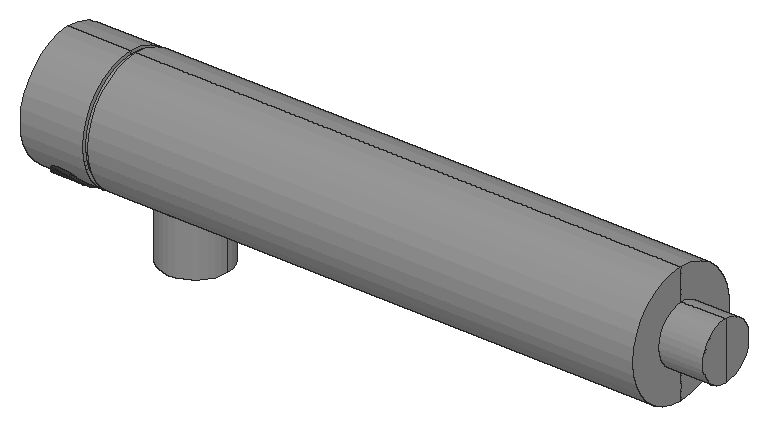
Revit family "SILVER WALL MOUNT SENSOR TAP WITH INFRARED SENSOR_IN", category Generic Models, Revit 2017
Family settings
  Can host rebar = No
  Round Connector Dimension = Use Diameter
  Part Type = Normal
  Work Plane-Based = No
  Always vertical = Yes
  Cut with Voids When Loaded = No
  Shared = No
  Room Calculation Point = No
Parameters
  Website = "https://dolphy.in/"  # constant formula
  Model = "DAST0010"  # constant formula
  Contact number = "+91 9520202035"  # constant formula
  Contact email = "info@dolphy.in"  # constant formula
  Company name = "Dolphy India"  # constant formula
Reference planes
  plane 1 "Center (Front/Back)": y = 0
  plane 2: z = 0
  plane 3 "Center (Left/Right)": x = 0
Forms (mm)
  Revolve 1, solid, material "Silver"
    sketch origin (0, 0, 0) x (1, 0, 0) y (0, 0, 1)
      loop
        line (-126, 0) -> (126, 0) -> (126, 10.976) -> (109, 10.976) -> (109, 23) -> (-100, 23) -> (-100, 22) -> (-102, 22) -> (-102, 23) -> (-126, 23) -> (-126, 0)
      axis (-126, 0) -> (126, 0)
    angle from 0 to 360
  Extrusion 2, solid, material "Silver"
    sketch origin (0, 0, 0) x (1, 0, 0) y (0, 1, 0)
      loop
        circle (-77.291, 0) r 12.5
    from -40 to 0
  Extrusion 3, solid, material "Sensor"
    sketch origin (0, 0, 0) x (1, 0, 0) y (0, 1, 0)
      loop
        spline (-120.616, -12.5) -> (-120.326, -15.128) -> (-119.616, -16.535) -> (-118.712, -17.455) -> (-117.718, -18.192) -> (-116.639, -18.724) -> (-115.479, -19.024) -> (-114.232, -19.076) -> (-112.885, -18.868) -> (-111.438, -18.376) -> (-110.048, -17.392) -> (-109.001, -15.554) -> (-108.587, -12.5)
        line (-108.587, -12.5) -> (-108.587, 12.5)
        spline (-108.587, 12.5) -> (-108.665, 15.109) -> (-109.195, 16.553) -> (-110.272, 17.617) -> (-111.646, 18.377) -> (-113.091, 18.842) -> (-114.436, 19.011) -> (-115.733, 18.921) -> (-117.063, 18.59) -> (-118.335, 17.913) -> (-119.439, 16.819) -> (-120.271, 15.284) -> (-120.616, 12.5)
        line (-120.616, 12.5) -> (-120.616, -12.5)
    from -11.943 to -25.81
  Extrusion 4, void
    sketch origin (0, 0, 0) x (0, 1, 0) y (0, 0, 1)
      loop
        spline (20.751, -11.943) -> (17.285, -16.441) -> (14.585, -18.92) -> (11.209, -21.098) -> (7.958, -22.528) -> (4.513, -23.452) -> (0.6, -23.821) -> (-3.491, -23.592) -> (-7.017, -22.812) -> (-10.5, -21.423) -> (-13.651, -19.573) -> (-16.708, -16.952) -> (-21.126, -11.266)
        line (-21.126, -11.266) -> (-21.126, -27.861) -> (20.751, -27.861) -> (20.751, -11.943)
    from -126 to -100
Cuts and joins
  Extrusion 4 cuts Extrusion 3
  joined: Revolve 1, Extrusion 2
Dimensions and locks
  aligned and locked: level to plane 2
  aligned and locked: Revolve 1 sketch curve to level
Automatic sketch dimensions
  Revolve 1 sketch curve to level = 0 mm
  Revolve 1 sketch curve to plane 3 "Center (Left/Right)" = 126 mm
  Revolve 1 sketch curve to Revolve 1 sketch curve = 24 mm
  Revolve 1 sketch curve to Revolve 1 sketch curve = 2 mm
  level to Revolve 1 sketch curve = 23 mm  (x2)
  plane 3 "Center (Left/Right)" to Revolve 1 sketch curve = 109 mm
  Revolve 1 sketch curve to Revolve 1 sketch curve = 17 mm
  level to Revolve 1 sketch curve = 10.976 mm
  Revolve 1 sketch curve to Revolve 1 sketch curve = 1 mm
  Revolve 1 sketch curve to Revolve 1 sketch curve = 1225.99 mm
  Revolve 1 sketch curve to Revolve 1 sketch curve = 1772.983 mm
  plane 1 "Center (Front/Back)" to Extrusion 2 sketch curve = 0 mm
  Extrusion 2 sketch curve to plane 3 "Center (Left/Right)" = 77.291 mm
  Extrusion 3 sketch curve to plane 1 "Center (Front/Back)" = 12.5 mm
  Extrusion 3 sketch curve to plane 3 "Center (Left/Right)" = 120.616 mm
  Extrusion 3 sketch curve to Extrusion 3 sketch curve = 12.029 mm
  plane 1 "Center (Front/Back)" to Extrusion 3 sketch curve = 12.5 mm
  plane 1 "Center (Front/Back)" to Extrusion 4 sketch curve = 21.126 mm
  Extrusion 4 sketch curve to plane 1 "Center (Front/Back)" = 20.751 mm
  Extrusion 4 sketch curve to level = 27.861 mm
  Extrusion 4 sketch curve to level = 11.943 mm
  Extrusion 4 sketch curve to level = 11.266 mm
  radius of Extrusion 2 sketch curve = 12.5 mm
